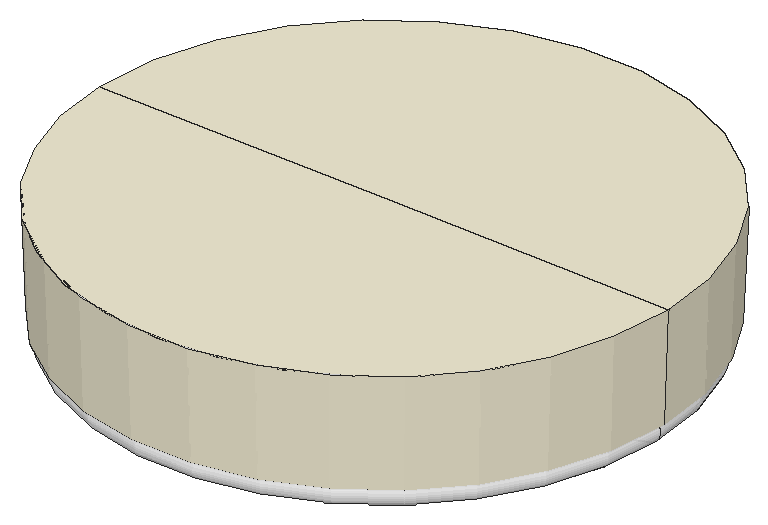
Revit family "3-623-xx Journey Ceiling Mount", category Lighting Fixtures, host Ceiling, Revit 2018
Family settings
  Host = Ceiling
  Round Connector Dimension = Use Diameter
  Part Type = Normal
  OmniClass Number = 23.80.70.11
  OmniClass Title = Luminaries for Internal Lighting
  Always vertical = Yes
  Cut with Voids When Loaded = No
  Light Source = Yes
  Shared = No
  Room Calculation Point = No
Parameters (values of type "3-623-24 / Satin Nickel -Matte Opal Glass")
  Wattage Comments = "1 x 10.1 W at 120 V"  # constant formula
  Wattage = 9.2903 W
  built-in parameter 1150110 = 1 (stored number, unit not read)
  Voltage Input = "120 V or 277 V - 50/60 Hz"  # constant formula
  Voltage = 120 V
  URL = "www.oxygenlighting.com"
  built-in parameter 1114217 = 1 (stored number, unit not read)
  built-in parameter 1150109 = 1 (stored number, unit not read)
  built-in parameter 1150134 = (empty or 0)
  built-in parameter 1150113 = 1 (stored number, unit not read)
  References = "Ref. 3 = 120 V / Ref. 37 = 277 V"  # constant formula
  Model = "3-623-xx / Journey Ceiling Mount"  # constant formula
  Metal Finish = 24 - Satin Nickel
  Manufacturer = "Oxygen Lighting and Fans"  # constant formula
  Main Diffuser = White Opal Glass
  Lumens = 1380 lm
  built-in parameter 1150115 = 1 (stored number, unit not read)
  built-in parameter 1150105 = 109.82 (stored number, unit not read)
  Light Source Symbol Size = 609.6 mm
  built-in parameter 1150137 = (empty or 0)
  built-in parameter 1150139 = (empty or 0)
  built-in parameter 1150112 = 1 (stored number, unit not read)
  built-in parameter 1150114 = 1 (stored number, unit not read)
  Lamp = "LED Array"  # constant formula
  built-in parameter 1150132 = 2
  built-in parameter 1150102 = (empty or 0)
  built-in parameter 1150138 = (empty or 0)
  built-in parameter 1150107 = 3000 (stored number, unit not read)
  built-in parameter 1150106 = 1.0982 (stored number, unit not read)
  built-in parameter 1150104 = 13.8 (stored number, unit not read)
  Dimming Lamp Color Temperature Shift = <None>
  Color Filter = 16777215
  built-in parameter 1114218 = 1 (stored number, unit not read)
  built-in parameter 1150133 = 10 (stored number, unit not read)
Types (3, lengths in mm): name | Metal Finish
  3-623-15 / Black - Matte Opal Glass | 15 - Black
  3-623-24 / Satin Nickel -Matte Opal Glass | 24 - Satin Nickel
  3-623-14 / Polished Chrome - Matte Opal Glass | 14 - Polished Chrome
Reference planes
  plane 1 "Light Source Axis (F/B)": y = 0
  plane 2: z = 0
  plane 3 "Light Source Axis (L/R)": x = 0
  plane 4 "Ceiling": z = 4000
  plane 5 "Light Source Elevation": z = 3920
Dimensions and locks
  equal spacing: host sketch curve, plane 3 "Light Source Axis (L/R)", host sketch curve
  equal spacing: host sketch curve, plane 1 "Light Source Axis (F/B)", host sketch curve
  host sketch curve to host sketch curve = 4000 mm  (x2)
  plane 4 "Ceiling" to host ceiling = 0 mm
  locked: plane 5 "Light Source Elevation" to plane 4 "Ceiling" at 80
  aligned and locked: plane 3 "Light Source Axis (L/R)" to imposter light
  aligned and locked: plane 1 "Light Source Axis (F/B)" to imposter light
  aligned and locked: plane 5 "Light Source Elevation" to imposter light
  aligned and locked: plane 3 "Light Source Axis (L/R)" to nested 1
  aligned and locked: plane 1 "Light Source Axis (F/B)" to nested 1
  aligned and locked: plane 4 "Ceiling" to nested 1
Nested families
  nested 1: "Base" at (0, 0, 4000), type "Base"
Connectors
  electrical at (0, 0, 4000), driven by "Voltage"
    settings: on nested 1, index 1, voltage 120 V, apparent load 0 VA, apparent load phase1 0 VA, apparent load phase2 0 VA, apparent load phase3 0 VA, power factor 1, load classification "Other", number of poles 1, system type 31, power factor state 1, is connector primary yes, connector utility no, sub classification motor no, connector description ""
Definition of nested family "Base"
  Parameters (values of type "Base")
    Metal Finish = none
    Main Diffuser = none
  Reference planes
    plane 1 "Center (Front/Back)": y = 0
    plane 2: z = 0
    plane 3 "Center (Left/Right)": x = 0
  Forms (mm)
    Revolve 1, solid, material <- "Metal Finish"
      sketch origin (0, 0, 0) x (1, 0, 0) y (0, 0, 1)
        loop
          line (-176.908, -65.851) -> (0, -65.851) -> (0, 0) -> (-179.449, 0)
          arc (-179.449, 0) -> (-178.707, -32.946) -> (-176.908, -65.851) r 1026.533
        axis (0, 0) -> (0, -65.851)
      angle from 0 to 360
    Revolve 2, solid, material <- "Main Diffuser"
      sketch origin (0, 0, 0) x (1, 0, 0) y (0, 0, 1)
        loop
          arc (-169.228, -78.481) -> (-85.61, -98.175) -> (0, -105.301) r 579.979
          line (0, -105.301) -> (0, -65.851) -> (-170.556, -65.851)
          arc (-170.556, -65.851) -> (-174.334, -72.633) -> (-169.228, -78.481) r 6.747
        axis (0, -65.851) -> (0, -105.301)
      angle from 0 to 360
  Dimensions and locks
    aligned and locked: level to plane 2
